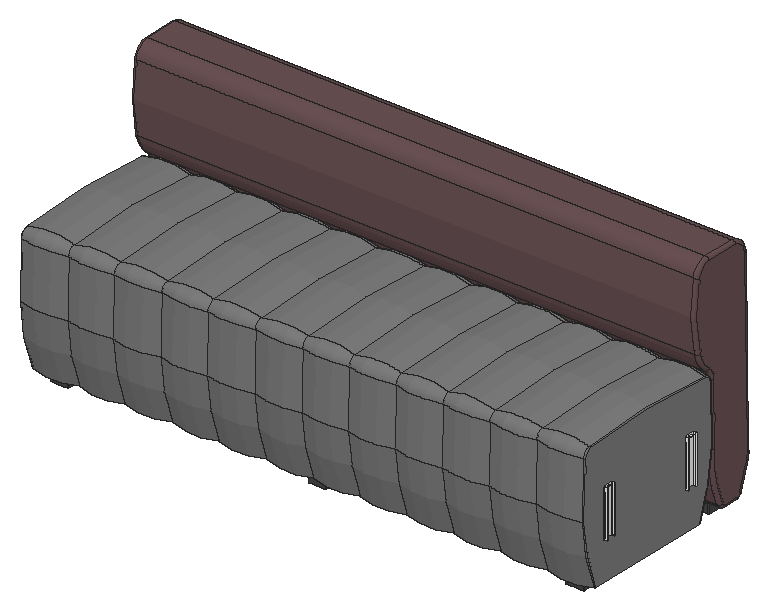
Revit family "Chair-Soft_Seating-Allermuir-Haven_Bench-HAB300BM", category Furniture, Revit 2012
Parameters (values of type "HAB300BM")
  ecoScorecard_data = "http://thesenatorgroup.ecoscorecard.com/product/HAB300BM"
  ecoScorecard Product Page = "http://products.ecoscorecard.com/allermuir/HAB300BM?action=html"
  Width = 0' - 0"
  Weight = 0.0 lbf
  Upholstered Seat = "No"
  Upholstered Back = "No"
  URL = "http://www.allermuir.net/Default.aspx"
  Subcategory = "Soft Seating"  # constant formula
  Stacks = no
  Specifications URL = ""
  Side Bracket = Metal - Allermuir - Chrome - Polished
  Seat or Top = Fabric - Allermuir - Silcoates
  Product Page URL = "http://www.allermuir.net/Products.aspx?RangeId=495"
  Product Line = "Haven Bench"  # constant formula
  Pricing URL = ""
  Plugin Data URL = "http://products.ecoscorecard.com/thesenatorgroup/HAB300BM"
  Plastic Arms in Black = "No"
  Model = "HAB300BM"  # constant formula
  Manufacturer Phone - Toll Free = "(888) 887 5806"  # constant formula
  Manufacturer Phone = "(419) 887 5806"  # constant formula
  Manufacturer Fax = "(419) 887 5805"  # constant formula
  Manufacturer Email = "mailto:contact@allermuir-na.com"
  Manufacturer Address = "1630 Holland Road, Maumee, Ohio 43537 "  # constant formula
  Manufacturer = "Allermuir"  # constant formula
  LEED Stats URL = ""
  Height = 0' - 0"
  Fabric Spec Sheets = "http://www.allermuir.net/Services/File.ashx?Type=B&Id=51"
  Description = ""
  Depth = 0' - 0"
  Color Availability = "See price list for material options"  # constant formula
  CAD Blocks URL = ""
  Brochure URL = ""
  Base = Plastic - Allermuir - Black
  Back = Fabric - Allermuir - Upholstery - Velvet - Red
  Assembly Code = "E2020200"
  95 CSI = "12510"  # constant formula
  04 CSI = "12 51 00"  # constant formula
Reference planes
  plane 1 "Center Front/Back": y = 0
  plane 2: z = 0
  plane 3 "Center Left/Right": x = 0
  plane 4: y = 359.331
  plane 5: y = -323.637
  plane 6: z = 780.256
  plane 7: x = -912.479
  plane 8: x = 912.479
Dimensions and locks
  plane 4 to plane 5 = 2' - 2.88848"
  plane 6 to level = 2' - 6 23/32"  (x2)
  equal spacing: plane 7, plane 3 "Center Left/Right", plane 8
  plane 7 to plane 8 = 5' - 11.8487"
  aligned and locked: plane 3 "Center Left/Right" to nested 1
  aligned and locked: nested 1 to plane 4
  aligned and locked: plane 3 "Center Left/Right" to nested 2
  aligned and locked: plane 5 to nested 2
Nested families
  nested 1: "Back-Rest-HAB300BM" at (0, 10.081, 0), type "HAB300BM"
  nested 2: "HAB300BM" at (0, -58.341, 0), type "HAB300BM"
Definition of nested family "Back-Rest-HAB300BM"
  Parameters (values of type "HAB300BM")
    URL = ""
    Stand = Plastic - Allermuir - Black
    Model = ""
    Manufacturer = ""
    Description = ""
    Back Rest = Fabric - Allermuir - Upholstery - Velvet - Red
    Assembly Code = ""
  Reference planes
    plane 1 "Center Front/Back": y = 0
    plane 2: z = 0
    plane 3 "Center Left/Right": x = 0
    plane 4: z = 780.276
    plane 5: x = 726.514
    plane 6: x = -683.734
    plane 7: y = 349.25
    plane 8: y = -336.55
  Forms (mm)
    Sweep 1, solid, material "Fabric - Allermuir - Upholstery - Velvet - Red" <- "Back Rest"
      path origin (0, 0, 0) x (0, 1, 0) y (0, 0, 1)
        loop
          arc (287.786, 777.021) -> (233.759, 779.501) -> (179.717, 777.382) r 635.833
          arc (179.717, 777.382) -> (149.801, 764.438) -> (133.91, 735.977) r 50.8
          arc (133.91, 735.977) -> (124.881, 624.919) -> (138.426, 514.322) r 549.847
          arc (138.426, 514.322) -> (151.944, 480.888) -> (175.34, 453.444) r 112.578
          arc (175.34, 453.444) -> (187.228, 438.729) -> (192.908, 420.684) r 50.8
          arc (192.908, 420.684) -> (199.489, 321.271) -> (195.803, 221.708) r 966.766
          arc (195.803, 221.708) -> (199.73, 131.593) -> (227.054, 45.631) r 342.39
          arc (227.054, 45.631) -> (235.405, 35.683) -> (247.583, 31.165) r 25.4
          arc (247.583, 31.165) -> (270.869, 30.009) -> (294.161, 31.049) r 247.493
          arc (294.161, 31.049) -> (306.956, 35.934) -> (315.355, 46.754) r 25.4
          arc (315.355, 46.754) -> (330.686, 88.951) -> (342.72, 132.205) r 582.2
          arc (342.72, 132.205) -> (344.554, 142.103) -> (345.4, 152.134) r 101.6
          arc (345.4, 152.134) -> (347.534, 441.313) -> (333.961, 730.181) r 5322.758
          arc (333.961, 730.181) -> (319.477, 762.083) -> (287.786, 777.021) r 50.8
      profile origin (0, 233.759, 779.501) x (0, -0.003339, -0.999994) y (1, 0, 0)
        loop
          arc (-0.428, -889.595) -> (2.623, -896.962) -> (9.99, -900.013) r 10.418
          line (9.99, -900.013) -> (12.7, -900.013) -> (12.7, 900.013) -> (9.99, 900.013)
          arc (9.99, 900.013) -> (2.623, 896.962) -> (-0.428, 889.595) r 10.418
          line (-0.428, 889.595) -> (-0.428, -889.595)
    Extrusion 2, solid, material "Fabric - Allermuir - Upholstery - Velvet - Red" <- "Back Rest"
      sketch origin (747.457, 231.636, 143.672) x (0, 0.088309, 0.996093) y (0, -0.996093, 0.088309)
        loop
          arc (580.167, 137.007) -> (471.319, 136.212) -> (364.867, 113.49) r 537.147
          arc (364.867, 113.49) -> (336.38, 98.924) -> (313.96, 76.099) r 99.878
          arc (313.96, 76.099) -> (296.95, 59.672) -> (275.109, 50.608) r 63.5
          arc (275.109, 50.608) -> (175.372, 35.073) -> (74.565, 29.885) r 979.466
          arc (74.565, 29.885) -> (-11.534, 18.455) -> (-91.661, -15.062) r 329.69
          arc (-91.661, -15.062) -> (-96.247, -19.661) -> (-97.959, -25.925) r 12.7
          arc (-97.959, -25.925) -> (-97.101, -48.027) -> (-94.167, -69.95) r 234.793
          arc (-94.167, -69.95) -> (-91.169, -76.107) -> (-85.409, -79.812) r 12.7
          arc (-85.409, -79.812) -> (-42.969, -91.105) -> (0.214, -99.094) r 569.5
          arc (0.214, -99.094) -> (8.983, -99.928) -> (17.792, -99.89) r 88.9
          arc (17.792, -99.89) -> (305.342, -76.535) -> (591.199, -37.598) r 5310.058
          arc (591.199, -37.598) -> (614.072, -24.665) -> (623.133, 0) r 38.1
          arc (623.133, 0) -> (620.879, 52.956) -> (614.133, 105.528) r 623.133
          arc (614.133, 105.528) -> (602.481, 127.02) -> (580.167, 137.007) r 38.1
      from -1647.471 to 152.556
  Cuts and joins
    joined: Sweep 1, Extrusion 2
  Lines and regions (mm)
    symbolic lines, style "Sofa"
      curve 1: line (-889.545, 124.318, 0) -> (889.569, 124.318, 0)
      curve 2: line (-900.07, 134.843, 0) -> (-900.07, 338.387, 0)
      curve 3: line (-889.405, 349.052, 0) -> (889.579, 349.052, 0)
      curve 4: line (900.076, 134.825, 0) -> (900.076, 338.554, 0)
      curve 5: arc (-900.07, 134.843, 0) -> (-896.987, 127.401, 0) -> (-889.545, 124.318, 0) r 10.525
      curve 6: arc (-900.07, 338.387, 0) -> (-896.946, 345.928, 0) -> (-889.405, 349.052, 0) r 10.664
      curve 7: arc (889.579, 349.052, 0) -> (897.002, 345.977, 0) -> (900.076, 338.554, 0) r 10.497
      curve 8: arc (889.569, 124.318, 0) -> (896.999, 127.396, 0) -> (900.076, 134.825, 0) r 10.507
  Dimensions and locks
    plane 4 to level = 2' - 6.71955"
    plane 6 to plane 5 = 4' - 7.5216"
    plane 8 to plane 7 = 2' - 3"
    aligned and locked: Sweep 1 to Extrusion 2
    aligned and locked: Extrusion 2 to Sweep 1
  Nested families
    nested 1: "Leg" at (-823.888, 271.649, 0), type "PSM102"
    nested 2: "Leg" at (0, 272.214, 0), type "PSM102"
    nested 3: "Leg" at (822.454, 272.414, 0), type "PSM102"
  Definition of nested family "Leg"
    Parameters (values of type "PSM102")
      URL = ""
      Stand = none
      Stacks = no
      Model = ""
      Manufacturer = ""
      Description = ""
      Assembly Code = "E2020200"
    Reference planes
      plane 1 "Center Front/Back": y = 0
      plane 2: z = 0
      plane 3 "Center Left/Right": x = 0
      plane 4: z = 30
      plane 5: through (42.717, 1524.892, 1219.2) normal (1, -0.0075, 0)
      plane 6: through (-1525.181, 42.166, 1219.2) normal (0.0075, 1, 0)
      plane 7: through (-19.17, 1524.892, 1219.2) normal (1, -0.0075, 0)
      plane 8: through (-1525.181, -19.721, 1219.2) normal (0.0075, 1, 0)
    Forms (mm)
      Blend 1, solid, material <- "Stand"
        base sketch origin (0, 0, 0) x (1, 0, 0) y (0, 1, 0)
          loop
            arc (-26.682, 29.891) -> (-28.652, 29.092) -> (-29.481, 27.133) r 2.778
            line (-29.481, 27.133) -> (-29.891, -27.235)
            arc (-29.891, -27.235) -> (-29.092, -29.205) -> (-27.133, -30.034) r 2.778
            line (-27.133, -30.034) -> (27.235, -30.444)
            arc (27.235, -30.444) -> (29.205, -29.645) -> (30.034, -27.687) r 2.778
            line (30.034, -27.687) -> (30.444, 26.682)
            arc (30.444, 26.682) -> (29.645, 28.652) -> (27.687, 29.481) r 2.778
            line (27.687, 29.481) -> (-26.682, 29.891)
        top sketch origin (0, 0, 0) x (1, 0, 0) y (0, 1, 0)
          loop
            arc (31.431, 27.654) -> (30.632, 29.625) -> (28.674, 30.453) r 2.778
            line (28.674, 30.453) -> (-27.654, 30.878)
            arc (-27.654, 30.878) -> (-29.625, 30.079) -> (-30.453, 28.121) r 2.778
            line (-30.453, 28.121) -> (-30.878, -28.207)
            arc (-30.878, -28.207) -> (-30.079, -30.178) -> (-28.121, -31.006) r 2.778
            line (-28.121, -31.006) -> (28.207, -31.431)
            arc (28.207, -31.431) -> (30.178, -30.632) -> (31.006, -28.674) r 2.778
            line (31.006, -28.674) -> (31.431, 27.654)
        from 0 to 30
    Dimensions and locks
      locked: plane 7 to plane 5 at 61.886
      locked: plane 6 to plane 8 at 61.886
      locked: plane 4 to level at 30
Definition of nested family "HAB300BM"
  Parameters (values of type "HAB300BM")
    URL = "http://www.allermuir.net/Default.aspx"
    Stand = Plastic - Allermuir - Black
    Side Stand = Metal - Allermuir - Chrome - Polished
    Seat = Fabric - Allermuir - Silcoates
    Model = "HAB100"
    Manufacturer = "Allermuir"  # constant formula
    Description = ""
    Assembly Code = "E2020200"
  Reference planes
    plane 1 "Center Front/Back": y = 0
    plane 2: z = 0
    plane 3 "Center Left/Right": x = 0
    plane 4: y = 278.492
    plane 5: y = -265.296
    plane 6: z = 466.328
    plane 7: x = -899.878
    plane 8: x = 899.878
  Forms (mm)
    Sweep 1, solid, material "Fabric - Allermuir - Silcoates" <- "Seat"
      path origin (0, 0, 0) x (0, 1, 0) y (0, 0, 1)
        loop
          arc (228.945, 24.408) -> (262.215, 126.767) -> (276.965, 233.381) r 609.6
          arc (276.965, 233.381) -> (278.479, 325.472) -> (273.982, 417.465) r 1411.053
          arc (273.982, 417.465) -> (262.719, 442.368) -> (238.222, 454.489) r 40.603
          arc (238.222, 454.489) -> (7.264, 468.236) -> (-223.765, 455.728) r 2038.86
          arc (-223.765, 455.728) -> (-248.079, 443.981) -> (-259.64, 419.577) r 40.58
          arc (-259.64, 419.577) -> (-265.536, 328.435) -> (-264.387, 237.109) r 1183.48
          arc (-264.387, 237.109) -> (-249.246, 128.613) -> (-215.454, 24.408) r 627.008
      profile origin (0, 7.264, 468.236) x (0, -0.002682, -0.999996) y (1, 0, 0)
        loop
          arc (13.094, -747.478) -> (2.01, -822.435) -> (13.359, -897.353) r 255.942
          arc (13.359, -897.353) -> (14.723, -899.276) -> (16.962, -900.013) r 3.77
          line (16.962, -900.013) -> (18.056, -900.013) -> (18.056, 900.013) -> (16.964, 900.013)
          arc (16.964, 900.013) -> (14.725, 899.276) -> (13.361, 897.353) r 3.77
          arc (13.361, 897.353) -> (2.01, 822.436) -> (13.092, 747.478) r 255.942
          arc (13.092, 747.478) -> (2.009, 672.942) -> (13.113, 598.41) r 255.942
          arc (13.113, 598.41) -> (2.01, 523.394) -> (13.375, 448.417) r 255.942
          arc (13.375, 448.417) -> (2.01, 373.433) -> (13.117, 298.411) r 255.942
          arc (13.117, 298.411) -> (2.01, 223.387) -> (13.376, 148.403) r 255.942
          arc (13.376, 148.403) -> (2.013, 74.256) -> (12.634, 0) r 255.942
          arc (12.634, 0) -> (2.026, -75.93) -> (14.383, -151.596) r 255.942
          arc (14.383, -151.596) -> (2.037, -226.43) -> (12.165, -301.596) r 255.942
          arc (12.165, -301.596) -> (2.037, -376.765) -> (14.384, -451.601) r 255.942
          arc (14.384, -451.601) -> (2.038, -526.433) -> (12.163, -601.598) r 255.942
          arc (12.163, -601.598) -> (2.015, -674.606) -> (13.094, -747.478) r 255.942
    Extrusion 2, solid, material "Fabric - Allermuir - Silcoates" <- "Seat"
      sketch origin (0, 0, 0) x (0, 1, 0) y (0, 0, 1)
        loop
          line (-198.21, 30) -> (211.698, 30)
          arc (211.698, 30) -> (244.436, 130.024) -> (258.93, 234.267) r 591.544
          arc (258.93, 234.267) -> (260.425, 325.179) -> (255.986, 415.995) r 1392.996
          arc (255.986, 415.995) -> (249.731, 429.823) -> (236.128, 436.554) r 22.547
          arc (236.128, 436.554) -> (7.216, 450.18) -> (-221.767, 437.783) r 2020.803
          arc (-221.767, 437.783) -> (-235.263, 431.263) -> (-241.679, 417.717) r 22.524
          arc (-241.679, 417.717) -> (-247.486, 327.965) -> (-246.354, 238.033) r 1165.423
          arc (-246.354, 238.033) -> (-231.472, 131.89) -> (-198.21, 30) r 608.951
      from -900.013 to 900.013
    Extrusion 3, solid, material "Metal - Allermuir - Chrome - Polished" <- "Side Stand"
      sketch origin (0, -42.069, 0) x (-1, 0, 0) y (0, -1, 0)
        loop
          line (912.476, 128.241) -> (906.42, 131.887)
          arc (906.42, 131.887) -> (905.103, 132.137) -> (903.94, 131.469) r 1.931
          line (903.94, 131.469) -> (900.467, 127.301)
          arc (900.467, 127.301) -> (900.143, 126.735) -> (900.03, 126.094) r 1.885
          line (900.03, 126.094) -> (900.03, 99.387)
          arc (900.03, 99.387) -> (900.143, 98.745) -> (900.467, 98.18) r 1.885
          line (900.467, 98.18) -> (903.967, 93.981)
          arc (903.967, 93.981) -> (905.101, 93.329) -> (906.387, 93.573) r 1.885
          line (906.387, 93.573) -> (912.476, 97.24) -> (911.702, 98.524) -> (905.768, 94.951)
          arc (905.768, 94.951) -> (905.362, 94.874) -> (905.003, 95.08) r 0.595
          line (905.003, 95.08) -> (901.777, 98.951)
          arc (901.777, 98.951) -> (901.577, 99.299) -> (901.508, 99.694) r 1.161
          line (901.508, 99.694) -> (901.508, 125.775)
          arc (901.508, 125.775) -> (901.579, 126.181) -> (901.784, 126.538) r 1.191
          line (901.784, 126.538) -> (905.023, 130.425)
          arc (905.023, 130.425) -> (905.36, 130.619) -> (905.741, 130.546) r 0.559
          line (905.741, 130.546) -> (911.702, 126.956) -> (912.476, 128.241)
      from 156.239 to 306.239
    Extrusion 4, solid, material "Metal - Allermuir - Chrome - Polished" <- "Side Stand"
      sketch origin (0, -42.069, 0) x (-1, 0, 0) y (0, -1, 0)
        loop
          line (901.508, 118.736) -> (901.508, 106.765) -> (910.5, 106.765) -> (910.5, 118.736) -> (901.508, 118.736)
      from 304.739 to 306.239
    Extrusion 5, solid, material "Metal - Allermuir - Chrome - Polished" <- "Side Stand"
      sketch origin (0, 58.539, 0) x (-1, 0, 0) y (0, -1, 0)
        loop
          line (912.476, -128.241) -> (911.702, -126.956) -> (905.741, -130.546)
          arc (905.741, -130.546) -> (905.36, -130.619) -> (905.023, -130.425) r 0.559
          line (905.023, -130.425) -> (901.784, -126.538)
          arc (901.784, -126.538) -> (901.579, -126.181) -> (901.508, -125.775) r 1.191
          line (901.508, -125.775) -> (901.508, -99.694)
          arc (901.508, -99.694) -> (901.577, -99.299) -> (901.777, -98.951) r 1.161
          line (901.777, -98.951) -> (905.003, -95.08)
          arc (905.003, -95.08) -> (905.362, -94.874) -> (905.768, -94.951) r 0.595
          line (905.768, -94.951) -> (911.702, -98.524) -> (912.476, -97.24) -> (906.387, -93.573)
          arc (906.387, -93.573) -> (905.101, -93.329) -> (903.967, -93.981) r 1.885
          line (903.967, -93.981) -> (900.467, -98.18)
          arc (900.467, -98.18) -> (900.143, -98.745) -> (900.03, -99.387) r 1.885
          line (900.03, -99.387) -> (900.03, -126.094)
          arc (900.03, -126.094) -> (900.143, -126.735) -> (900.467, -127.301) r 1.885
          line (900.467, -127.301) -> (903.94, -131.469)
          arc (903.94, -131.469) -> (905.103, -132.137) -> (906.42, -131.887) r 1.931
          line (906.42, -131.887) -> (912.476, -128.241)
      from 156.239 to 306.239
    Extrusion 6, solid, material "Metal - Allermuir - Chrome - Polished" <- "Side Stand"
      sketch origin (0, 58.539, 0) x (-1, 0, 0) y (0, -1, 0)
        loop
          line (901.508, -118.736) -> (910.5, -118.736) -> (910.5, -106.765) -> (901.508, -106.765) -> (901.508, -118.736)
      from 304.739 to 306.239
    Extrusion 7, solid, material "Metal - Allermuir - Chrome - Polished" <- "Side Stand"
      sketch origin (0, -42.069, 0) x (1, 0, 0) y (0, 1, 0)
        loop
          line (912.476, -128.241) -> (911.702, -126.956) -> (905.741, -130.546)
          arc (905.741, -130.546) -> (905.36, -130.619) -> (905.023, -130.425) r 0.559
          line (905.023, -130.425) -> (901.784, -126.538)
          arc (901.784, -126.538) -> (901.579, -126.181) -> (901.508, -125.775) r 1.191
          line (901.508, -125.775) -> (901.508, -99.694)
          arc (901.508, -99.694) -> (901.577, -99.299) -> (901.777, -98.951) r 1.161
          line (901.777, -98.951) -> (905.003, -95.08)
          arc (905.003, -95.08) -> (905.362, -94.874) -> (905.768, -94.951) r 0.595
          line (905.768, -94.951) -> (911.702, -98.524) -> (912.476, -97.24) -> (906.387, -93.573)
          arc (906.387, -93.573) -> (905.101, -93.329) -> (903.967, -93.981) r 1.885
          line (903.967, -93.981) -> (900.467, -98.18)
          arc (900.467, -98.18) -> (900.143, -98.745) -> (900.03, -99.387) r 1.885
          line (900.03, -99.387) -> (900.03, -126.094)
          arc (900.03, -126.094) -> (900.143, -126.735) -> (900.467, -127.301) r 1.885
          line (900.467, -127.301) -> (903.94, -131.469)
          arc (903.94, -131.469) -> (905.103, -132.137) -> (906.42, -131.887) r 1.931
          line (906.42, -131.887) -> (912.476, -128.241)
      from 156.239 to 306.239
    Extrusion 8, solid, material "Metal - Allermuir - Chrome - Polished" <- "Side Stand"
      sketch origin (0, -42.069, 0) x (1, 0, 0) y (0, 1, 0)
        loop
          line (901.508, -118.736) -> (910.5, -118.736) -> (910.5, -106.765) -> (901.508, -106.765) -> (901.508, -118.736)
      from 304.739 to 306.239
    Extrusion 9, solid, material "Metal - Allermuir - Chrome - Polished" <- "Side Stand"
      sketch origin (0, 58.142, 0) x (1, 0, 0) y (0, 1, 0)
        loop
          line (912.476, 128.241) -> (906.42, 131.887)
          arc (906.42, 131.887) -> (905.103, 132.137) -> (903.94, 131.469) r 1.931
          line (903.94, 131.469) -> (900.467, 127.301)
          arc (900.467, 127.301) -> (900.143, 126.735) -> (900.03, 126.094) r 1.885
          line (900.03, 126.094) -> (900.03, 99.387)
          arc (900.03, 99.387) -> (900.143, 98.745) -> (900.467, 98.18) r 1.885
          line (900.467, 98.18) -> (903.967, 93.981)
          arc (903.967, 93.981) -> (905.101, 93.329) -> (906.387, 93.573) r 1.885
          line (906.387, 93.573) -> (912.476, 97.24) -> (911.702, 98.524) -> (905.768, 94.951)
          arc (905.768, 94.951) -> (905.362, 94.874) -> (905.003, 95.08) r 0.595
          line (905.003, 95.08) -> (901.777, 98.951)
          arc (901.777, 98.951) -> (901.577, 99.299) -> (901.508, 99.694) r 1.161
          line (901.508, 99.694) -> (901.508, 125.775)
          arc (901.508, 125.775) -> (901.579, 126.181) -> (901.784, 126.538) r 1.191
          line (901.784, 126.538) -> (905.023, 130.425)
          arc (905.023, 130.425) -> (905.36, 130.619) -> (905.741, 130.546) r 0.559
          line (905.741, 130.546) -> (911.702, 126.956) -> (912.476, 128.241)
      from 156.239 to 306.239
    Extrusion 10, solid, material "Metal - Allermuir - Chrome - Polished" <- "Side Stand"
      sketch origin (0, 58.142, 0) x (1, 0, 0) y (0, 1, 0)
        loop
          line (901.508, 118.736) -> (901.508, 106.765) -> (910.5, 106.765) -> (910.5, 118.736) -> (901.508, 118.736)
      from 304.739 to 306.239
  Cuts and joins
    joined: Sweep 1, Extrusion 2
  Lines and regions (mm)
    symbolic lines, style "Sofa"
      curve 1: line (-900.013, -249.055, 0) -> (-900.013, 201.795, 0)
      curve 2: line (-747.478, -252.843, 0) -> (-747.478, 192.278, 0)
      curve 3: line (-601.598, -253.773, 0) -> (-601.598, 192.278, 0)
      curve 4: line (-451.601, -251.552, 0) -> (-451.601, 192.278, 0)
      curve 5: line (-301.596, -253.771, 0) -> (-301.596, 192.278, 0)
      curve 6: line (-151.596, -251.553, 0) -> (-151.596, 192.278, 0)
      curve 7: line (0, -253.302, 0) -> (0, 192.278, 0)
      curve 8: line (148.403, -252.561, 0) -> (148.403, 192.278, 0)
      curve 9: line (298.411, -252.819, 0) -> (298.411, 192.278, 0)
      curve 10: line (448.417, -252.819, 0) -> (448.417, 192.278, 0)
      curve 11: line (598.41, -252.819, 0) -> (598.41, 192.278, 0)
      curve 12: line (747.478, -252.819, 0) -> (747.478, 192.278, 0)
      curve 13: line (900.013, -249.056, 0) -> (900.013, 201.795, 0)
      curve 14: arc (-897.351, -252.657, 0) -> (-822.428, -263.94, 0) -> (-747.478, -252.843, 0) r 256.5
      curve 15: arc (-747.478, -252.843, 0) -> (-674.608, -264.319, 0) -> (-601.598, -253.773, 0) r 247.106
      curve 16: arc (-601.598, -253.773, 0) -> (-526.431, -264.022, 0) -> (-451.601, -251.552, 0) r 253.283
      curve 17: arc (-451.601, -251.552, 0) -> (-376.767, -264.018, 0) -> (-301.596, -253.771, 0) r 253.383
      curve 18: arc (-301.596, -253.771, 0) -> (-226.431, -263.846, 0) -> (-151.596, -251.553, 0) r 257.095
      curve 19: arc (-151.596, -251.553, 0) -> (-75.931, -263.935, 0) -> (0, -253.302, 0) r 255.403
      curve 20: arc (0, -253.302, 0) -> (74.256, -263.929, 0) -> (148.403, -252.561, 0) r 255.818
      curve 21: arc (148.403, -252.561, 0) -> (223.387, -264.046, 0) -> (298.411, -252.819, 0) r 253.367
      curve 22: arc (298.411, -252.819, 0) -> (373.414, -264.061, 0) -> (448.417, -252.819, 0) r 255.82
      curve 23: arc (448.417, -252.819, 0) -> (523.413, -263.966, 0) -> (598.41, -252.819, 0) r 257.857
      curve 24: arc (598.41, -252.819, 0) -> (672.944, -263.981, 0) -> (747.478, -252.819, 0) r 254.445
      curve 25: arc (747.478, -252.819, 0) -> (822.495, -263.887, 0) -> (897.466, -252.508, 0) r 256.157
      curve 26: arc (-897.351, -252.657, 0) -> (-899.275, -251.294, 0) -> (-900.013, -249.055, 0) r 3.768
      curve 27: arc (897.466, -252.508, 0) -> (899.307, -251.201, 0) -> (900.013, -249.056, 0) r 3.612
      curve 28: line (-901.508, 177.275, 0) -> (-910.5, 177.275, 0)
      curve 29: line (-910.5, 177.275, 0) -> (-910.5, 165.304, 0)
      curve 30: line (-910.5, 165.304, 0) -> (-901.508, 165.304, 0)
      curve 31: line (-912.476, 155.779, 0) -> (-906.387, 152.112, 0)
      curve 32: line (-905.768, 153.49, 0) -> (-911.702, 157.063, 0)
      curve 33: line (-911.702, 157.063, 0) -> (-912.476, 155.779, 0)
      curve 34: arc (-906.387, 152.112, 0) -> (-905.101, 151.868, 0) -> (-903.967, 152.52, 0) r 1.885
      curve 35: arc (-905.003, 153.619, 0) -> (-905.362, 153.413, 0) -> (-905.768, 153.49, 0) r 0.595
      curve 36: line (-901.777, 157.49, 0) -> (-905.003, 153.619, 0)
      curve 37: line (-903.967, 152.52, 0) -> (-900.467, 156.719, 0)
      curve 38: arc (-900.467, 156.719, 0) -> (-900.143, 157.284, 0) -> (-900.03, 157.926, 0) r 1.885
      curve 39: arc (-901.508, 158.233, 0) -> (-901.577, 157.838, 0) -> (-901.777, 157.49, 0) r 1.161
      curve 40: line (-901.508, 184.314, 0) -> (-901.508, 158.233, 0)
      curve 41: arc (-901.784, 185.077, 0) -> (-901.579, 184.72, 0) -> (-901.508, 184.314, 0) r 1.191
      curve 42: line (-905.023, 188.964, 0) -> (-901.784, 185.077, 0)
      curve 43: line (-900.467, 185.84, 0) -> (-903.94, 190.008, 0)
      curve 44: arc (-900.03, 184.633, 0) -> (-900.143, 185.275, 0) -> (-900.467, 185.84, 0) r 1.885
      curve 45: arc (-903.94, 190.008, 0) -> (-905.103, 190.676, 0) -> (-906.42, 190.426, 0) r 1.931
      curve 46: arc (-905.741, 189.085, 0) -> (-905.36, 189.158, 0) -> (-905.023, 188.964, 0) r 0.559
      curve 47: line (-911.702, 185.496, 0) -> (-905.741, 189.085, 0)
      curve 48: line (-906.42, 190.426, 0) -> (-912.476, 186.78, 0)
      curve 49: line (-912.476, 186.78, 0) -> (-911.702, 185.496, 0)
      curve 50: line (-901.508, -148.833, 0) -> (-910.5, -148.833, 0)
      curve 51: line (-910.5, -148.833, 0) -> (-910.5, -160.805, 0)
      curve 52: line (-910.5, -160.805, 0) -> (-901.508, -160.805, 0)
      curve 53: line (-912.476, -170.33, 0) -> (-906.387, -173.997, 0)
      curve 54: line (-905.768, -172.619, 0) -> (-911.702, -169.045, 0)
      curve 55: line (-911.702, -169.045, 0) -> (-912.476, -170.33, 0)
      curve 56: arc (-906.387, -173.997, 0) -> (-905.101, -174.241, 0) -> (-903.967, -173.589, 0) r 1.885
      curve 57: arc (-905.003, -172.49, 0) -> (-905.362, -172.696, 0) -> (-905.768, -172.619, 0) r 0.595
      curve 58: line (-901.777, -168.618, 0) -> (-905.003, -172.49, 0)
      curve 59: line (-903.967, -173.589, 0) -> (-900.467, -169.39, 0)
      curve 60: arc (-900.467, -169.39, 0) -> (-900.143, -168.824, 0) -> (-900.03, -168.183, 0) r 1.885
      curve 61: arc (-901.508, -167.875, 0) -> (-901.577, -168.27, 0) -> (-901.777, -168.618, 0) r 1.161
      curve 62: line (-901.508, -141.794, 0) -> (-901.508, -167.875, 0)
      curve 63: arc (-901.784, -141.032, 0) -> (-901.579, -141.389, 0) -> (-901.508, -141.794, 0) r 1.191
      curve 64: line (-905.023, -137.144, 0) -> (-901.784, -141.032, 0)
      curve 65: line (-900.467, -140.269, 0) -> (-903.94, -136.101, 0)
      curve 66: arc (-900.03, -141.476, 0) -> (-900.143, -140.834, 0) -> (-900.467, -140.269, 0) r 1.885
      curve 67: arc (-903.94, -136.101, 0) -> (-905.103, -135.433, 0) -> (-906.42, -135.682, 0) r 1.931
      curve 68: arc (-905.741, -137.023, 0) -> (-905.36, -136.951, 0) -> (-905.023, -137.144, 0) r 0.559
      curve 69: line (-911.702, -140.613, 0) -> (-905.741, -137.023, 0)
      curve 70: line (-906.42, -135.682, 0) -> (-912.476, -139.328, 0)
      curve 71: line (-912.476, -139.328, 0) -> (-911.702, -140.613, 0)
      curve 72: line (901.508, 177.275, 0) -> (910.5, 177.275, 0)
      curve 73: line (910.5, 177.275, 0) -> (910.5, 165.304, 0)
      curve 74: line (910.5, 165.304, 0) -> (901.508, 165.304, 0)
      curve 75: line (912.476, 155.779, 0) -> (906.387, 152.112, 0)
      curve 76: line (905.768, 153.49, 0) -> (911.702, 157.063, 0)
      curve 77: line (911.702, 157.063, 0) -> (912.476, 155.779, 0)
      curve 78: arc (906.387, 152.112, 0) -> (905.101, 151.868, 0) -> (903.967, 152.52, 0) r 1.885
      curve 79: arc (905.003, 153.619, 0) -> (905.362, 153.413, 0) -> (905.768, 153.49, 0) r 0.595
      curve 80: line (901.777, 157.49, 0) -> (905.003, 153.619, 0)
      curve 81: line (903.967, 152.52, 0) -> (900.467, 156.719, 0)
      curve 82: arc (900.467, 156.719, 0) -> (900.143, 157.284, 0) -> (900.03, 157.926, 0) r 1.885
      curve 83: arc (901.508, 158.233, 0) -> (901.577, 157.838, 0) -> (901.777, 157.49, 0) r 1.161
      curve 84: line (901.508, 184.314, 0) -> (901.508, 158.233, 0)
      curve 85: arc (901.784, 185.077, 0) -> (901.579, 184.72, 0) -> (901.508, 184.314, 0) r 1.191
      curve 86: line (905.023, 188.964, 0) -> (901.784, 185.077, 0)
      curve 87: line (900.467, 185.84, 0) -> (903.94, 190.008, 0)
      curve 88: arc (900.03, 184.633, 0) -> (900.143, 185.275, 0) -> (900.467, 185.84, 0) r 1.885
      curve 89: arc (903.94, 190.008, 0) -> (905.103, 190.676, 0) -> (906.42, 190.426, 0) r 1.931
      curve 90: arc (905.741, 189.085, 0) -> (905.36, 189.158, 0) -> (905.023, 188.964, 0) r 0.559
      curve 91: line (911.702, 185.496, 0) -> (905.741, 189.085, 0)
      curve 92: line (906.42, 190.426, 0) -> (912.476, 186.78, 0)
      curve 93: line (912.476, 186.78, 0) -> (911.702, 185.496, 0)
      curve 94: line (901.508, -148.833, 0) -> (910.5, -148.833, 0)
      curve 95: line (910.5, -148.833, 0) -> (910.5, -160.805, 0)
      curve 96: line (910.5, -160.805, 0) -> (901.508, -160.805, 0)
      curve 97: line (912.476, -170.33, 0) -> (906.387, -173.997, 0)
      curve 98: line (905.768, -172.619, 0) -> (911.702, -169.045, 0)
      curve 99: line (911.702, -169.045, 0) -> (912.476, -170.33, 0)
      curve 100: arc (906.387, -173.997, 0) -> (905.101, -174.241, 0) -> (903.967, -173.589, 0) r 1.885
      curve 101: arc (905.003, -172.49, 0) -> (905.362, -172.696, 0) -> (905.768, -172.619, 0) r 0.595
      curve 102: line (901.777, -168.618, 0) -> (905.003, -172.49, 0)
      curve 103: line (903.967, -173.589, 0) -> (900.467, -169.39, 0)
      curve 104: arc (900.467, -169.39, 0) -> (900.143, -168.824, 0) -> (900.03, -168.183, 0) r 1.885
      curve 105: arc (901.508, -167.875, 0) -> (901.577, -168.27, 0) -> (901.777, -168.618, 0) r 1.161
      curve 106: line (901.508, -141.794, 0) -> (901.508, -167.875, 0)
      curve 107: arc (901.784, -141.032, 0) -> (901.579, -141.389, 0) -> (901.508, -141.794, 0) r 1.191
      curve 108: line (905.023, -137.144, 0) -> (901.784, -141.032, 0)
      curve 109: line (900.467, -140.269, 0) -> (903.94, -136.101, 0)
      curve 110: arc (900.03, -141.476, 0) -> (900.143, -140.834, 0) -> (900.467, -140.269, 0) r 1.885
      curve 111: arc (903.94, -136.101, 0) -> (905.103, -135.433, 0) -> (906.42, -135.682, 0) r 1.931
      curve 112: arc (905.741, -137.023, 0) -> (905.36, -136.951, 0) -> (905.023, -137.144, 0) r 0.559
      curve 113: line (911.702, -140.613, 0) -> (905.741, -137.023, 0)
      curve 114: line (906.42, -135.682, 0) -> (912.476, -139.328, 0)
      curve 115: line (912.476, -139.328, 0) -> (911.702, -140.613, 0)
  Dimensions and locks
    plane 4 to plane 5 = 1' - 9.40899"
    plane 6 to level = 1' - 6 23/64"
    locked: plane 7 to plane 8 at 1799.755
    aligned and locked: plane 3 "Center Left/Right" to nested 2
    aligned and locked: plane 3 "Center Left/Right" to nested 5
    aligned and locked: nested 1 to level
    aligned and locked: nested 2 to level
    aligned and locked: nested 4 to plane 2
    aligned and locked: nested 3 to plane 2
    aligned and locked: nested 5 to plane 2
    aligned and locked: nested 6 to plane 2
    aligned and locked: Extrusion 2 sketch curve to Sweep 1  (x7)
  Nested families
    nested 1: "Leg" at (-824.583, 174.511, 0), type "PSM102"
    nested 2: "Leg" at (0, 174.511, 0), type "PSM102"
    nested 3: "Leg" at (-824.118, -158.14, 0), type "PSM102"
    nested 4: "Leg" at (823.175, 174.511, 0), type "PSM102"
    nested 5: "Leg" at (0, -158.14, 0), type "PSM102"
    nested 6: "Leg" at (823.528, -158.934, 0), type "PSM102"
  Definition of nested family "Leg"
    Parameters (values of type "PSM102")
      URL = ""
      Stand = none
      Stacks = no
      Model = ""
      Manufacturer = ""
      Description = ""
      Assembly Code = "E2020200"
    Reference planes
      plane 1 "Center Front/Back": y = 0
      plane 2: z = 0
      plane 3 "Center Left/Right": x = 0
      plane 4: z = 30
      plane 5: through (42.717, 1524.892, 1219.2) normal (1, -0.0075, 0)
      plane 6: through (-1525.181, 42.166, 1219.2) normal (0.0075, 1, 0)
      plane 7: through (-19.17, 1524.892, 1219.2) normal (1, -0.0075, 0)
      plane 8: through (-1525.181, -19.721, 1219.2) normal (0.0075, 1, 0)
    Forms (mm)
      Blend 1, solid, material <- "Stand"
        base sketch origin (0, 0, 0) x (1, 0, 0) y (0, 1, 0)
          loop
            arc (-26.682, 29.891) -> (-28.652, 29.092) -> (-29.481, 27.133) r 2.778
            line (-29.481, 27.133) -> (-29.891, -27.235)
            arc (-29.891, -27.235) -> (-29.092, -29.205) -> (-27.133, -30.034) r 2.778
            line (-27.133, -30.034) -> (27.235, -30.444)
            arc (27.235, -30.444) -> (29.205, -29.645) -> (30.034, -27.687) r 2.778
            line (30.034, -27.687) -> (30.444, 26.682)
            arc (30.444, 26.682) -> (29.645, 28.652) -> (27.687, 29.481) r 2.778
            line (27.687, 29.481) -> (-26.682, 29.891)
        top sketch origin (0, 0, 0) x (1, 0, 0) y (0, 1, 0)
          loop
            arc (31.431, 27.654) -> (30.632, 29.625) -> (28.674, 30.453) r 2.778
            line (28.674, 30.453) -> (-27.654, 30.878)
            arc (-27.654, 30.878) -> (-29.625, 30.079) -> (-30.453, 28.121) r 2.778
            line (-30.453, 28.121) -> (-30.878, -28.207)
            arc (-30.878, -28.207) -> (-30.079, -30.178) -> (-28.121, -31.006) r 2.778
            line (-28.121, -31.006) -> (28.207, -31.431)
            arc (28.207, -31.431) -> (30.178, -30.632) -> (31.006, -28.674) r 2.778
            line (31.006, -28.674) -> (31.431, 27.654)
        from 0 to 30
    Dimensions and locks
      locked: plane 7 to plane 5 at 61.886
      locked: plane 6 to plane 8 at 61.886
      locked: plane 4 to level at 30
